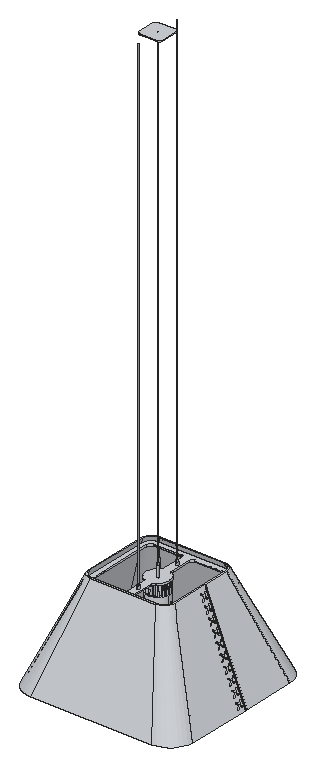
Revit family "BuzziSpace - BuzziShade - Square", category Lighting Fixtures, host Ceiling, Revit 2019 (continued)
Definition of nested family "BuzziShade Square"
  Forms (in)
    Extrusion 1, solid, material <- "Lace", visible <- "Beam"
      sketch origin (-14.79872, 0, 0) x (0, -1, 0) y (0.379687, 0, 0.925115)
        loop
          line (0.43278, 14.41339) -> (-0.01265, 13.96797) -> (-0.45807, 14.41339)
          arc (-0.45807, 14.41339) -> (-0.54158, 14.41339) -> (-0.54158, 14.32987) r 0.05906
          line (-0.54158, 14.32987) -> (-0.09616, 13.88445) -> (-0.54158, 13.43903)
        loop
          arc (-0.54158, 15.25005) -> (-0.54158, 15.16654) -> (-0.45807, 15.16654) r 0.05906
          line (-0.45807, 15.16654) -> (-0.01265, 15.61196) -> (0.43278, 15.16654)
          arc (0.43278, 15.16654) -> (0.51629, 15.16654) -> (0.51629, 15.25005) r 0.05906
          line (0.51629, 15.25005) -> (0.07087, 15.69548) -> (0.51629, 16.1409)
          arc (0.51629, 16.1409) -> (0.51629, 16.22441) -> (0.43278, 16.22441) r 0.05906
          line (0.43278, 16.22441) -> (-0.01265, 15.77899) -> (-0.45807, 16.22441)
          arc (-0.45807, 16.22441) -> (-0.54158, 16.22441) -> (-0.54158, 16.1409) r 0.05906
          line (-0.54158, 16.1409) -> (-0.09616, 15.69548) -> (-0.54158, 15.25005)
        loop
          arc (-0.54158, 17.06108) -> (-0.54158, 16.97756) -> (-0.45807, 16.97756) r 0.05906
          line (-0.45807, 16.97756) -> (-0.01265, 17.42298) -> (0.43278, 16.97756)
          arc (0.43278, 16.97756) -> (0.51629, 16.97756) -> (0.51629, 17.06108) r 0.05906
          line (0.51629, 17.06108) -> (0.07087, 17.5065) -> (0.51629, 17.95192)
          arc (0.51629, 17.95192) -> (0.51629, 18.03544) -> (0.43278, 18.03544) r 0.05906
          line (0.43278, 18.03544) -> (-0.01265, 17.59002) -> (-0.45807, 18.03544)
          arc (-0.45807, 18.03544) -> (-0.54158, 18.03544) -> (-0.54158, 17.95192) r 0.05906
          line (-0.54158, 17.95192) -> (-0.09616, 17.5065) -> (-0.54158, 17.06108)
      from 0 to 0.125
    Blend 2, solid, material <- "Felt"
      base sketch origin (0, 0, 0) x (-1, 0, 0) y (0, -1, 0)
        loop
          line (14.79872, -10.73976) -> (14.79872, 10.73976)
          arc (14.79872, 10.73976) -> (13.62715, 13.56819) -> (10.79872, 14.73976) r 4
          line (10.79872, 14.73976) -> (0.0625, 14.73976) -> (0.0625, 14.48976) -> (10.79872, 14.48976)
          arc (10.79872, 14.48976) -> (13.45037, 13.39141) -> (14.54872, 10.73976) r 3.75
          line (14.54872, 10.73976) -> (14.54872, -10.73976)
          arc (14.54872, -10.73976) -> (13.45037, -13.39141) -> (10.79872, -14.48976) r 3.75
          line (10.79872, -14.48976) -> (0.0625, -14.48976) -> (0.0625, -14.73976) -> (10.79872, -14.73976)
          arc (10.79872, -14.73976) -> (13.62715, -13.56819) -> (14.79872, -10.73976) r 4
      top sketch origin (0, 0, 0) x (-1, 0, 0) y (0, -1, 0)
        loop
          line (7.65305, -5.74325) -> (7.65305, 5.74325)
          arc (7.65305, 5.74325) -> (7.10622, 7.06343) -> (5.78604, 7.61026) r 1.86701
          line (5.78604, 7.61026) -> (0.0625, 7.61026) -> (0.0625, 7.36026) -> (5.78604, 7.36026)
          arc (5.78604, 7.36026) -> (6.92944, 6.88665) -> (7.40305, 5.74325) r 1.61701
          line (7.40305, 5.74325) -> (7.40305, -5.74325)
          arc (7.40305, -5.74325) -> (6.92944, -6.88665) -> (5.78604, -7.36026) r 1.61701
          line (5.78604, -7.36026) -> (0.0625, -7.36026) -> (0.0625, -7.61026) -> (5.78604, -7.61026)
          arc (5.78604, -7.61026) -> (7.10622, -7.06343) -> (7.65305, -5.74325) r 1.86701
      from 0 to 17.41056
    Extrusion 3, solid, material <- "Frame"
      sketch origin (34.18353, -180, 16.53556) x (1, 0, 0) y (0, 1, 0)
        loop
          line (-34.83658, 182.43789) -> (-34.83658, 186.15357)
          arc (-34.83658, 186.15357) -> (-35.00695, 186.56489) -> (-35.41827, 186.73526) r 0.58169
          line (-35.41827, 186.73526) -> (-40.04918, 186.73526)
          arc (-40.04918, 186.73526) -> (-40.69434, 186.46803) -> (-40.96158, 185.82286) r 0.9124
          line (-40.96158, 185.82286) -> (-40.96158, 174.17714)
          arc (-40.96158, 174.17714) -> (-40.69434, 173.53197) -> (-40.04918, 173.26474) r 0.9124
          line (-40.04918, 173.26474) -> (-35.52069, 173.26474)
          arc (-35.52069, 173.26474) -> (-35.03695, 173.46511) -> (-34.83658, 173.94884) r 0.68411
          line (-34.83658, 173.94884) -> (-34.83658, 177.56211)
          arc (-34.83658, 177.56211) -> (-34.94207, 177.95581) -> (-35.23028, 178.24402) r 0.7874
          arc (-35.23028, 178.24402) -> (-36.2441, 180) -> (-35.23028, 181.75598) r 2.02763
          arc (-35.23028, 181.75598) -> (-34.94207, 182.04419) -> (-34.83658, 182.43789) r 0.7874
        loop
          line (-41.83658, 185.82286) -> (-41.83658, 174.17714)
          arc (-41.83658, 174.17714) -> (-41.31306, 172.91326) -> (-40.04918, 172.38974) r 1.7874
          line (-40.04918, 172.38974) -> (-34.24603, 172.38974) -> (-34.24603, 187.61026) -> (-40.04918, 187.61026)
          arc (-40.04918, 187.61026) -> (-41.31306, 187.08674) -> (-41.83658, 185.82286) r 1.7874
      from 0 to -0.25
    Extrusion 4, solid, material <- "Frame"
      sketch origin (0, 0, 0) x (-1, 0, 0) y (0, -1, 0)
        loop
          line (0.0625, 13.48976) -> (10.79872, 13.48976)
          arc (10.79872, 13.48976) -> (12.74326, 12.68431) -> (13.54872, 10.73976) r 2.75
          line (13.54872, 10.73976) -> (13.54872, -10.73976)
          arc (13.54872, -10.73976) -> (12.74326, -12.68431) -> (10.79872, -13.48976) r 2.75
          line (10.79872, -13.48976) -> (0.0625, -13.48976) -> (0.0625, -14.36476) -> (10.79872, -14.36476)
          arc (10.79872, -14.36476) -> (13.36198, -13.30302) -> (14.42372, -10.73976) r 3.625
          line (14.42372, -10.73976) -> (14.42372, 10.73976)
          arc (14.42372, 10.73976) -> (13.36198, 13.30302) -> (10.79872, 14.36476) r 3.625
          line (10.79872, 14.36476) -> (0.0625, 14.36476) -> (0.0625, 13.48976)
      from 0 to 0.25
    Extrusion 5, solid, material <- "Felt"
      sketch origin (0, 0, 0) x (0, 1, 0) y (0, 0, 1)
        loop
          line (7.36026, 17.41056) -> (14.48976, 0) -> (14.73976, 0) -> (7.61026, 17.41056) -> (7.36026, 17.41056)
        loop
          line (-7.36026, 17.41056) -> (-7.61026, 17.41056) -> (-14.73976, 0) -> (-14.48976, 0) -> (-7.36026, 17.41056)
      from -0.0625 to 0.0625
    Extrusion 6, solid, material <- "Frame"
      sketch origin (0, 0, 0) x (0, 1, 0) y (0, 0, 1)
        loop
          line (7.61026, 16.53556) -> (-7.61026, 16.53556) -> (-7.61026, 16.28556) -> (7.61026, 16.28556) -> (7.61026, 16.53556)
        loop
          line (14.36476, 0.25) -> (13.48976, 0.25) -> (13.48976, 0) -> (14.36476, 0) -> (14.36476, 0.25)
        loop
          line (-13.48976, 0.25) -> (-14.36476, 0.25) -> (-14.36476, 0) -> (-13.48976, 0) -> (-13.48976, 0.25)
      from -0.0625 to 0.0625
    Extrusion 7, void
      sketch origin (0, 0, 0) x (1, 0, 0) y (0, 1, 0)
        loop
          arc (-13.57776, 6.73526) -> (-13.98907, 6.56489) -> (-14.15945, 6.15357) r 0.58169
          line (-14.15945, 6.15357) -> (-14.15945, 2.43789)
          arc (-14.15945, 2.43789) -> (-14.05396, 2.04419) -> (-13.76575, 1.75598) r 0.7874
          arc (-13.76575, 1.75598) -> (-12.75193, 0) -> (-13.76575, -1.75598) r 2.02763
          arc (-13.76575, -1.75598) -> (-14.05396, -2.04419) -> (-14.15945, -2.43789) r 0.7874
          line (-14.15945, -2.43789) -> (-14.15945, -6.05116)
          arc (-14.15945, -6.05116) -> (-13.95908, -6.53489) -> (-13.47534, -6.73526) r 0.68411
          line (-13.47534, -6.73526) -> (-1.27466, -6.73526)
          arc (-1.27466, -6.73526) -> (-0.79092, -6.53489) -> (-0.59055, -6.05116) r 0.68411
          line (-0.59055, -6.05116) -> (-0.59055, -2.43789)
          arc (-0.59055, -2.43789) -> (-0.69604, -2.04419) -> (-0.98425, -1.75598) r 0.7874
          arc (-0.98425, -1.75598) -> (-1.99807, 0) -> (-0.98425, 1.75598) r 2.02763
          arc (-0.98425, 1.75598) -> (-0.69604, 2.04419) -> (-0.59055, 2.43789) r 0.7874
          line (-0.59055, 2.43789) -> (-0.59055, 6.15357)
          arc (-0.59055, 6.15357) -> (-0.76093, 6.56489) -> (-1.17224, 6.73526) r 0.58169
          line (-1.17224, 6.73526) -> (-13.57776, 6.73526)
        loop
          arc (13.47534, -6.73526) -> (13.95908, -6.53489) -> (14.15945, -6.05116) r 0.68411
          line (14.15945, -6.05116) -> (14.15945, -2.43789)
          arc (14.15945, -2.43789) -> (14.05396, -2.04419) -> (13.76575, -1.75598) r 0.7874
          arc (13.76575, -1.75598) -> (12.75193, 0) -> (13.76575, 1.75598) r 2.02763
          arc (13.76575, 1.75598) -> (14.05396, 2.04419) -> (14.15945, 2.43789) r 0.7874
          line (14.15945, 2.43789) -> (14.15945, 6.15357)
          arc (14.15945, 6.15357) -> (13.98907, 6.56489) -> (13.57776, 6.73526) r 0.58169
          line (13.57776, 6.73526) -> (1.17224, 6.73526)
          arc (1.17224, 6.73526) -> (0.76093, 6.56489) -> (0.59055, 6.15357) r 0.58169
          line (0.59055, 6.15357) -> (0.59055, 2.43789)
          arc (0.59055, 2.43789) -> (0.69604, 2.04419) -> (0.98425, 1.75598) r 0.7874
          arc (0.98425, 1.75598) -> (1.99807, 0) -> (0.98425, -1.75598) r 2.02763
          arc (0.98425, -1.75598) -> (0.69604, -2.04419) -> (0.59055, -2.43789) r 0.7874
          line (0.59055, -2.43789) -> (0.59055, -6.05116)
          arc (0.59055, -6.05116) -> (0.79092, -6.53489) -> (1.27466, -6.73526) r 0.68411
          line (1.27466, -6.73526) -> (13.47534, -6.73526)
      from 18.03556 to 16.03556
    Extrusion 8, void
      sketch origin (-32.02609, -180, 12.22763) x (-0.925115, 0, 0.379687) y (0, -1, 0)
        loop
          line (-6.92779, -180.86327) -> (-6.99234, -180.86327) -> (-6.99234, -180.92696)
          arc (-6.99234, -180.92696) -> (-6.99436, -180.9703) -> (-7.00039, -181.01326) r 0.46698
          arc (-7.00039, -181.01326) -> (-7.01861, -181.03979) -> (-7.0505, -181.04418) r 0.03983
          line (-7.0505, -181.04418) -> (-7.08745, -181.03359) -> (-7.03035, -181.09272)
          arc (-7.03035, -181.09272) -> (-7.0022, -181.13606) -> (-6.99234, -181.18679) r 0.13542
          line (-6.99234, -181.18679) -> (-6.99234, -181.27062) -> (-6.92779, -181.27062) -> (-6.92779, -180.86327)
      from -11.42768 to 9.37766
    Extrusion 9, solid, material <- "Lace"
      sketch origin (14.79872, 0, 0) x (0, 1, 0) y (-0.379687, 0, 0.925115)
        loop
          line (0.54158, 0.76187) -> (0.09616, 1.20729) -> (0.54158, 1.65271)
          arc (0.54158, 1.65271) -> (0.54158, 1.73623) -> (0.45807, 1.73623) r 0.05906
          line (0.45807, 1.73623) -> (0.01265, 1.2908) -> (-0.43278, 1.73623)
          arc (-0.43278, 1.73623) -> (-0.51629, 1.73623) -> (-0.51629, 1.65271) r 0.05906
          line (-0.51629, 1.65271) -> (-0.07087, 1.20729) -> (-0.51629, 0.76187)
          arc (-0.51629, 0.76187) -> (-0.51629, 0.67835) -> (-0.43278, 0.67835) r 0.05906
          line (-0.43278, 0.67835) -> (0.01265, 1.12377) -> (0.45807, 0.67835)
          arc (0.45807, 0.67835) -> (0.54158, 0.67835) -> (0.54158, 0.76187) r 0.05906
        loop
          line (0.54158, 2.57289) -> (0.09616, 3.01831) -> (0.54158, 3.46373)
          arc (0.54158, 3.46373) -> (0.54158, 3.54725) -> (0.45807, 3.54725) r 0.05906
          line (0.45807, 3.54725) -> (0.01265, 3.10183) -> (-0.43278, 3.54725)
          arc (-0.43278, 3.54725) -> (-0.51629, 3.54725) -> (-0.51629, 3.46373) r 0.05906
          line (-0.51629, 3.46373) -> (-0.07087, 3.01831) -> (-0.51629, 2.57289)
          arc (-0.51629, 2.57289) -> (-0.51629, 2.48937) -> (-0.43278, 2.48937) r 0.05906
          line (-0.43278, 2.48937) -> (0.01265, 2.93479) -> (0.45807, 2.48937)
          arc (0.45807, 2.48937) -> (0.54158, 2.48937) -> (0.54158, 2.57289) r 0.05906
        loop
          line (0.54158, 4.38391) -> (0.09616, 4.82933) -> (0.54158, 5.27476)
          arc (0.54158, 5.27476) -> (0.54158, 5.35827) -> (0.45807, 5.35827) r 0.05906
          line (0.45807, 5.35827) -> (0.01265, 4.91285) -> (-0.43278, 5.35827)
          arc (-0.43278, 5.35827) -> (-0.51629, 5.35827) -> (-0.51629, 5.27476) r 0.05906
          line (-0.51629, 5.27476) -> (-0.07087, 4.82933) -> (-0.51629, 4.38391)
          arc (-0.51629, 4.38391) -> (-0.51629, 4.3004) -> (-0.43278, 4.3004) r 0.05906
          line (-0.43278, 4.3004) -> (0.01265, 4.74582) -> (0.45807, 4.3004)
          arc (0.45807, 4.3004) -> (0.54158, 4.3004) -> (0.54158, 4.38391) r 0.05906
        loop
          line (0.54158, 6.19494) -> (0.09616, 6.64036) -> (0.54158, 7.08578)
          arc (0.54158, 7.08578) -> (0.54158, 7.1693) -> (0.45807, 7.1693) r 0.05906
          line (0.45807, 7.1693) -> (0.01265, 6.72387) -> (-0.43278, 7.1693)
          arc (-0.43278, 7.1693) -> (-0.51629, 7.1693) -> (-0.51629, 7.08578) r 0.05906
          line (-0.51629, 7.08578) -> (-0.07087, 6.64036) -> (-0.51629, 6.19494)
          arc (-0.51629, 6.19494) -> (-0.51629, 6.11142) -> (-0.43278, 6.11142) r 0.05906
          line (-0.43278, 6.11142) -> (0.01265, 6.55684) -> (0.45807, 6.11142)
          arc (0.45807, 6.11142) -> (0.54158, 6.11142) -> (0.54158, 6.19494) r 0.05906
        loop
          line (0.54158, 8.00596) -> (0.09616, 8.45138) -> (0.54158, 8.8968)
          arc (0.54158, 8.8968) -> (0.54158, 8.98032) -> (0.45807, 8.98032) r 0.05906
          line (0.45807, 8.98032) -> (0.01265, 8.5349) -> (-0.43278, 8.98032)
          arc (-0.43278, 8.98032) -> (-0.51629, 8.98032) -> (-0.51629, 8.8968) r 0.05906
          line (-0.51629, 8.8968) -> (-0.07087, 8.45138) -> (-0.51629, 8.00596)
          arc (-0.51629, 8.00596) -> (-0.51629, 7.92244) -> (-0.43278, 7.92244) r 0.05906
          line (-0.43278, 7.92244) -> (0.01265, 8.36787) -> (0.45807, 7.92244)
          arc (0.45807, 7.92244) -> (0.54158, 7.92244) -> (0.54158, 8.00596) r 0.05906
        loop
          line (0.54158, 9.81698) -> (0.09616, 10.26241) -> (0.54158, 10.70783)
          arc (0.54158, 10.70783) -> (0.54158, 10.79134) -> (0.45807, 10.79134) r 0.05906
          line (0.45807, 10.79134) -> (0.01265, 10.34592) -> (-0.43278, 10.79134)
          arc (-0.43278, 10.79134) -> (-0.51629, 10.79134) -> (-0.51629, 10.70783) r 0.05906
          line (-0.51629, 10.70783) -> (-0.07087, 10.26241) -> (-0.51629, 9.81698)
          arc (-0.51629, 9.81698) -> (-0.51629, 9.73347) -> (-0.43278, 9.73347) r 0.05906
          line (-0.43278, 9.73347) -> (0.01265, 10.17889) -> (0.45807, 9.73347)
          arc (0.45807, 9.73347) -> (0.54158, 9.73347) -> (0.54158, 9.81698) r 0.05906
        loop
          line (0.54158, 11.62801) -> (0.09616, 12.07343) -> (0.54158, 12.51885)
          arc (0.54158, 12.51885) -> (0.54158, 12.60237) -> (0.45807, 12.60237) r 0.05906
          line (0.45807, 12.60237) -> (0.01265, 12.15695) -> (-0.43278, 12.60237)
          arc (-0.43278, 12.60237) -> (-0.51629, 12.60237) -> (-0.51629, 12.51885) r 0.05906
          line (-0.51629, 12.51885) -> (-0.07087, 12.07343) -> (-0.51629, 11.62801)
          arc (-0.51629, 11.62801) -> (-0.51629, 11.54449) -> (-0.43278, 11.54449) r 0.05906
          line (-0.43278, 11.54449) -> (0.01265, 11.98991) -> (0.45807, 11.54449)
          arc (0.45807, 11.54449) -> (0.54158, 11.54449) -> (0.54158, 11.62801) r 0.05906
        loop
          line (0.54158, 13.43903) -> (0.09616, 13.88445) -> (0.54158, 14.32987)
          arc (0.54158, 14.32987) -> (0.54158, 14.41339) -> (0.45807, 14.41339) r 0.05906
          line (0.45807, 14.41339) -> (0.01265, 13.96797) -> (-0.43278, 14.41339)
          arc (-0.43278, 14.41339) -> (-0.51629, 14.41339) -> (-0.51629, 14.32987) r 0.05906
          line (-0.51629, 14.32987) -> (-0.07087, 13.88445) -> (-0.51629, 13.43903)
          arc (-0.51629, 13.43903) -> (-0.51629, 13.35551) -> (-0.43278, 13.35551) r 0.05906
          line (-0.43278, 13.35551) -> (0.01265, 13.80094) -> (0.45807, 13.35551)
          arc (0.45807, 13.35551) -> (0.54158, 13.35551) -> (0.54158, 13.43903) r 0.05906
        loop
          line (0.54158, 15.25005) -> (0.09616, 15.69548) -> (0.54158, 16.1409)
          arc (0.54158, 16.1409) -> (0.54158, 16.22441) -> (0.45807, 16.22441) r 0.05906
          line (0.45807, 16.22441) -> (0.01265, 15.77899) -> (-0.43278, 16.22441)
          arc (-0.43278, 16.22441) -> (-0.51629, 16.22441) -> (-0.51629, 16.1409) r 0.05906
          line (-0.51629, 16.1409) -> (-0.07087, 15.69548) -> (-0.51629, 15.25005)
          arc (-0.51629, 15.25005) -> (-0.51629, 15.16654) -> (-0.43278, 15.16654) r 0.05906
          line (-0.43278, 15.16654) -> (0.01265, 15.61196) -> (0.45807, 15.16654)
          arc (0.45807, 15.16654) -> (0.54158, 15.16654) -> (0.54158, 15.25005) r 0.05906
        loop
          line (0.54158, 17.06108) -> (0.09616, 17.5065) -> (0.54158, 17.95192)
          arc (0.54158, 17.95192) -> (0.54158, 18.03544) -> (0.45807, 18.03544) r 0.05906
          line (0.45807, 18.03544) -> (0.01265, 17.59002) -> (-0.43278, 18.03544)
          arc (-0.43278, 18.03544) -> (-0.51629, 18.03544) -> (-0.51629, 17.95192) r 0.05906
          line (-0.51629, 17.95192) -> (-0.07087, 17.5065) -> (-0.51629, 17.06108)
          arc (-0.51629, 17.06108) -> (-0.51629, 16.97756) -> (-0.43278, 16.97756) r 0.05906
          line (-0.43278, 16.97756) -> (0.01265, 17.42298) -> (0.45807, 16.97756)
          arc (0.45807, 16.97756) -> (0.54158, 16.97756) -> (0.54158, 17.06108) r 0.05906
      from 0 to 0.125
    Blend 10, solid, material <- "Felt"
      base sketch origin (0, 0, 0) x (1, 0, 0) y (0, 1, 0)
        loop
          arc (14.79872, 10.73976) -> (13.62715, 13.56819) -> (10.79872, 14.73976) r 4
          line (10.79872, 14.73976) -> (0.0625, 14.73976) -> (0.0625, 14.48976) -> (10.79872, 14.48976)
          arc (10.79872, 14.48976) -> (13.45037, 13.39141) -> (14.54872, 10.73976) r 3.75
          line (14.54872, 10.73976) -> (14.54872, -10.73976)
          arc (14.54872, -10.73976) -> (13.45037, -13.39141) -> (10.79872, -14.48976) r 3.75
          line (10.79872, -14.48976) -> (0.0625, -14.48976) -> (0.0625, -14.73976) -> (10.79872, -14.73976)
          arc (10.79872, -14.73976) -> (13.62715, -13.56819) -> (14.79872, -10.73976) r 4
          line (14.79872, -10.73976) -> (14.79872, 10.73976)
      top sketch origin (0, 0, 0) x (1, 0, 0) y (0, 1, 0)
        loop
          arc (7.65305, 5.74325) -> (7.10622, 7.06343) -> (5.78604, 7.61026) r 1.86701
          line (5.78604, 7.61026) -> (0.0625, 7.61026) -> (0.0625, 7.36026) -> (5.78604, 7.36026)
          arc (5.78604, 7.36026) -> (6.92944, 6.88665) -> (7.40305, 5.74325) r 1.61701
          line (7.40305, 5.74325) -> (7.40305, -5.74325)
          arc (7.40305, -5.74325) -> (6.92944, -6.88665) -> (5.78604, -7.36026) r 1.61701
          line (5.78604, -7.36026) -> (0.0625, -7.36026) -> (0.0625, -7.61026) -> (5.78604, -7.61026)
          arc (5.78604, -7.61026) -> (7.10622, -7.06343) -> (7.65305, -5.74325) r 1.86701
          line (7.65305, -5.74325) -> (7.65305, 5.74325)
      from 0 to 17.41056
    Extrusion 11, solid, material <- "Frame"
      sketch origin (-34.18353, -180, 16.53556) x (-1, 0, 0) y (0, -1, 0)
        loop
          arc (-34.83658, -182.43789) -> (-34.94207, -182.04419) -> (-35.23028, -181.75598) r 0.7874
          arc (-35.23028, -181.75598) -> (-36.2441, -180) -> (-35.23028, -178.24402) r 2.02763
          arc (-35.23028, -178.24402) -> (-34.94207, -177.95581) -> (-34.83658, -177.56211) r 0.7874
          line (-34.83658, -177.56211) -> (-34.83658, -173.94884)
          arc (-34.83658, -173.94884) -> (-35.03695, -173.46511) -> (-35.52069, -173.26474) r 0.68411
          line (-35.52069, -173.26474) -> (-40.04918, -173.26474)
          arc (-40.04918, -173.26474) -> (-40.69434, -173.53197) -> (-40.96158, -174.17714) r 0.9124
          line (-40.96158, -174.17714) -> (-40.96158, -185.82286)
          arc (-40.96158, -185.82286) -> (-40.69434, -186.46803) -> (-40.04918, -186.73526) r 0.9124
          line (-40.04918, -186.73526) -> (-35.41827, -186.73526)
          arc (-35.41827, -186.73526) -> (-35.00695, -186.56489) -> (-34.83658, -186.15357) r 0.58169
          line (-34.83658, -186.15357) -> (-34.83658, -182.43789)
        loop
          arc (-41.83658, -185.82286) -> (-41.31306, -187.08674) -> (-40.04918, -187.61026) r 1.7874
          line (-40.04918, -187.61026) -> (-34.24603, -187.61026) -> (-34.24603, -172.38974) -> (-40.04918, -172.38974)
          arc (-40.04918, -172.38974) -> (-41.31306, -172.91326) -> (-41.83658, -174.17714) r 1.7874
          line (-41.83658, -174.17714) -> (-41.83658, -185.82286)
      from 0 to -0.25
    Extrusion 12, solid, material <- "Frame"
      sketch origin (0, 0, 0) x (1, 0, 0) y (0, 1, 0)
        loop
          line (0.0625, -13.48976) -> (0.0625, -14.36476) -> (10.79872, -14.36476)
          arc (10.79872, -14.36476) -> (13.36198, -13.30302) -> (14.42372, -10.73976) r 3.625
          line (14.42372, -10.73976) -> (14.42372, 10.73976)
          arc (14.42372, 10.73976) -> (13.36198, 13.30302) -> (10.79872, 14.36476) r 3.625
          line (10.79872, 14.36476) -> (0.0625, 14.36476) -> (0.0625, 13.48976) -> (10.79872, 13.48976)
          arc (10.79872, 13.48976) -> (12.74326, 12.68431) -> (13.54872, 10.73976) r 2.75
          line (13.54872, 10.73976) -> (13.54872, -10.73976)
          arc (13.54872, -10.73976) -> (12.74326, -12.68431) -> (10.79872, -13.48976) r 2.75
          line (10.79872, -13.48976) -> (0.0625, -13.48976)
      from 0 to 0.25
    Extrusion 13, void
      sketch origin (32.02609, -180, 12.22763) x (0.925115, 0, 0.379687) y (0, 1, 0)
        loop
          line (-6.92779, 180.86327) -> (-6.92779, 181.27062) -> (-6.99234, 181.27062) -> (-6.99234, 181.18679)
          arc (-6.99234, 181.18679) -> (-7.0022, 181.13606) -> (-7.03035, 181.09272) r 0.13542
          line (-7.03035, 181.09272) -> (-7.08745, 181.03359) -> (-7.0505, 181.04418)
          arc (-7.0505, 181.04418) -> (-7.01861, 181.03979) -> (-7.00039, 181.01326) r 0.03983
          arc (-7.00039, 181.01326) -> (-6.99436, 180.9703) -> (-6.99234, 180.92696) r 0.46698
          line (-6.99234, 180.92696) -> (-6.99234, 180.86327) -> (-6.92779, 180.86327)
      from -11.42768 to 9.37766
    Extrusion 14, void
      sketch origin (17.37263, -180, 12.22763) x (0.925115, 0, 0.379687) y (0, 1, 0)
        loop
          line (-6.95929, 180.86327) -> (-6.95929, 181.27062) -> (-7.02384, 181.27062) -> (-7.02384, 181.18679)
          arc (-7.02384, 181.18679) -> (-7.0337, 181.13606) -> (-7.06184, 181.09272) r 0.13542
          line (-7.06184, 181.09272) -> (-7.11894, 181.03359) -> (-7.082, 181.04418)
          arc (-7.082, 181.04418) -> (-7.05011, 181.03979) -> (-7.03188, 181.01326) r 0.03983
          arc (-7.03188, 181.01326) -> (-7.02585, 180.9703) -> (-7.02384, 180.92696) r 0.46698
          line (-7.02384, 180.92696) -> (-7.02384, 180.86327) -> (-6.95929, 180.86327)
      from -11.42768 to 9.37766
  Cuts and joins
    Extrusion 7 cuts Extrusion 6
    joined: Extrusion 3, Extrusion 4, Extrusion 6, Extrusion 11, Extrusion 12
    Extrusion 8, Extrusion 13 cuts Blend 2
    Extrusion 13 cuts Extrusion 5
    Extrusion 13, Extrusion 14 cuts Blend 10
    joined: Blend 2, Extrusion 5, Blend 10
  Dimensions and locks (in)
    equal spacing: plane 4, plane 1 "Center Front/Back", plane 5
    plane 4 to plane 5 = 2' - 5.47952"
    locked: plane 7 to plane 6 at 14.73622
    plane 9 to plane 7 to plane 8 = 0' - 0.59055" locked, 0' - 0.59055" locked
    locked: plane 8 to plane 10 at 6.10236
    locked: plane 10 to plane 14 at 0.89764
    locked: plane 18 to plane 17 at 14.73622
    plane 20 to plane 18 to plane 19 = 0' - 0.59055" locked, 0' - 0.59055" locked
    locked: plane 19 to plane 21 at 6.10236
    locked: plane 21 to plane 22 at 0.89764
    Extrusion 4 sketch curve to Extrusion 4 sketch curve to Extrusion 4 sketch curve = 1' - 1.48622" locked, 0' - 0 7/8" locked
    "Void Depth": plane 23 to plane 24
    locked: Extrusion 7 sketch curve to plane 26 at 0.58169
    locked: Extrusion 7 sketch curve to plane 26 at 0.68411
    locked: plane 26 to Extrusion 7 sketch curve at 0.62012
    locked: Extrusion 7 sketch curve to plane 26 at 0.7874  (x2)
    locked: Extrusion 7 sketch curve to plane 27 at 0.58169
    locked: Extrusion 7 sketch curve to plane 27 at 0.68411
    locked: plane 27 to Extrusion 7 sketch curve at 0.62012
    locked: Extrusion 7 sketch curve to plane 27 at 0.7874  (x2)
    "Suspension Length": plane 29 to plane 23
    "Interior Width": plane 18 to plane 7
    equal spacing: plane 17, plane 3 "Center Left/Right", plane 6
    Extrusion 12 sketch curve to Extrusion 12 sketch curve to Extrusion 12 sketch curve = 1' - 1.48622" locked, 0' - 0 7/8" locked
    aligned and locked: level to plane 2
    aligned and locked: Extrusion 4 sketch curve to plane 18
    aligned and locked: plane 18 to Extrusion 4 sketch curve
    aligned and locked: plane 7 to Extrusion 5
    aligned and locked: plane 18 to Extrusion 5
    aligned and locked: plane 7 to Extrusion 6
    aligned and locked: plane 18 to Extrusion 6
    aligned and locked: Extrusion 7 sketch curve to plane 26  (x2)
    aligned and locked: plane 27 to Extrusion 7 sketch curve  (x2)
  Automatic sketch dimensions
    Blend 2 to Extrusion 1 sketch curve = 0' - 0.76187"  (x2)
    Extrusion 1 sketch curve to Blend 2 = 0' - 9.66122"
    Blend 2 to Extrusion 1 sketch curve = 0' - 1.65271"  (x2)
    Extrusion 1 sketch curve to Extrusion 1 sketch curve = 0' - 0"  (x19)
    Blend 2 to Extrusion 1 sketch curve = 0' - 0.86797"  (x2)
    Blend 2 to Extrusion 1 sketch curve = 0' - 1.75881"  (x2)
    Blend 2 to Extrusion 1 sketch curve = 0' - 2.67899"  (x2)
    Blend 2 to Extrusion 1 sketch curve = 0' - 3.56984"  (x2)
    Blend 2 to Extrusion 1 sketch curve = 0' - 4.49002"  (x2)
    Blend 2 to Extrusion 1 sketch curve = 0' - 5.38086"  (x2)
    Blend 2 to Extrusion 1 sketch curve = 0' - 6.30104"  (x2)
    Blend 2 to Extrusion 1 sketch curve = 0' - 7.19189"  (x2)
    Blend 2 to Extrusion 1 sketch curve = 0' - 8.11207"  (x2)
    Blend 2 to Extrusion 1 sketch curve = 0' - 9.00291"  (x2)
    Blend 2 to Extrusion 1 sketch curve = 0' - 8.8968"  (x2)
    Blend 2 to Extrusion 1 sketch curve = 0' - 8.00596"  (x2)
    Blend 2 to Extrusion 1 sketch curve = 0' - 2.57289"  (x2)
    Blend 2 to Extrusion 1 sketch curve = 0' - 3.46373"  (x2)
    Blend 2 to Extrusion 1 sketch curve = 0' - 7.08578"  (x2)
    Blend 2 to Extrusion 1 sketch curve = 0' - 6.19494"  (x2)
    Blend 2 to Extrusion 1 sketch curve = 0' - 5.27476"  (x2)
    Blend 2 to Extrusion 1 sketch curve = 0' - 4.38391"  (x2)
    Extrusion 1 sketch curve to Extrusion 1 sketch curve = 0' - 0.04176"  (x70)
    Blend 2 to Extrusion 1 sketch curve = 0' - 5.35827"  (x2)
    Blend 2 to Extrusion 1 sketch curve = 0' - 9.08643"  (x2)
    Blend 2 to Extrusion 1 sketch curve = 0' - 2.48937"  (x2)
    Blend 2 to Extrusion 1 sketch curve = 0' - 3.65335"  (x2)
    Blend 2 to Extrusion 1 sketch curve = 0' - 8.02855"  (x2)
    Blend 2 to Extrusion 1 sketch curve = 0' - 4.3004"  (x2)
    Blend 2 to Extrusion 1 sketch curve = 0' - 6.21753"  (x2)
    Blend 2 to Extrusion 1 sketch curve = 0' - 1.84233"  (x2)
    Blend 2 to Extrusion 1 sketch curve = 0' - 4.4065"  (x2)
    Blend 2 to Extrusion 1 sketch curve = 0' - 7.92244"  (x2)
    Blend 2 to Extrusion 1 sketch curve = 0' - 7.2754"  (x2)
    Blend 2 to Extrusion 1 sketch curve = 0' - 8.98032"  (x2)
    Blend 2 to Extrusion 1 sketch curve = 0' - 1.73623"  (x2)
    Blend 2 to Extrusion 1 sketch curve = 0' - 3.54725"  (x2)
    Blend 2 to Extrusion 1 sketch curve = 0' - 7.1693"  (x2)
    Blend 2 to Extrusion 1 sketch curve = 0' - 0.78445"  (x2)
    Blend 2 to Extrusion 1 sketch curve = 0' - 0.67835"  (x2)
    Blend 2 to Extrusion 1 sketch curve = 0' - 2.59548"  (x2)
    Blend 2 to Extrusion 1 sketch curve = 0' - 5.46438"  (x2)
    Blend 2 to Extrusion 1 sketch curve = 0' - 6.11142"  (x2)
    Blend 2 to Extrusion 1 sketch curve = 0' - 3.10183"
    Extrusion 1 sketch curve to Extrusion 1 sketch curve = 0' - 0.08352"  (x40)
    Blend 2 to Extrusion 1 sketch curve = 0' - 6.82998"
    Blend 2 to Extrusion 1 sketch curve = 0' - 8.5349"
    Blend 2 to Extrusion 1 sketch curve = 0' - 6.66295"
    Blend 2 to Extrusion 1 sketch curve = 0' - 8.36787"
    Blend 2 to Extrusion 1 sketch curve = 0' - 6.72387"
    Blend 2 to Extrusion 1 sketch curve = 0' - 1.2908"
    Blend 2 to Extrusion 1 sketch curve = 0' - 1.39691"
    Blend 2 to Extrusion 1 sketch curve = 0' - 1.22988"
    Blend 2 to Extrusion 1 sketch curve = 0' - 4.85192"
    Blend 2 to Extrusion 1 sketch curve = 0' - 1.12377"
    Blend 2 to Extrusion 1 sketch curve = 0' - 3.0409"
    Blend 2 to Extrusion 1 sketch curve = 0' - 4.74582"
    Blend 2 to Extrusion 1 sketch curve = 0' - 8.47397"
    Blend 2 to Extrusion 1 sketch curve = 0' - 6.55684"
    Blend 2 to Extrusion 1 sketch curve = 0' - 3.20793"
    Blend 2 to Extrusion 1 sketch curve = 0' - 5.01896"
    Blend 2 to Extrusion 1 sketch curve = 0' - 2.93479"
    Blend 2 to Extrusion 1 sketch curve = 0' - 8.641"
    Blend 2 to Extrusion 1 sketch curve = 0' - 4.91285"
    Blend 2 to Extrusion 1 sketch curve = 0' - 1.31339"
    Blend 2 to Extrusion 1 sketch curve = 0' - 3.01831"
    Blend 2 to Extrusion 1 sketch curve = 0' - 8.55749"
    Blend 2 to Extrusion 1 sketch curve = 0' - 1.20729"
    Blend 2 to Extrusion 1 sketch curve = 0' - 4.82933"
    Blend 2 to Extrusion 1 sketch curve = 0' - 4.93544"
    Blend 2 to Extrusion 1 sketch curve = 0' - 6.64036"
    Blend 2 to Extrusion 1 sketch curve = 0' - 8.45138"
    Blend 2 to Extrusion 1 sketch curve = 0' - 3.12442"
    Blend 2 to Extrusion 1 sketch curve = 0' - 6.74646"
    Blend 2 sketch curve to Blend 2 sketch curve = 0' - 0"  (x8)
    Blend 2 sketch curve to plane 18 = 0' - 0"  (x4)
    plane 5 to Blend 2 sketch curve = 0' - 0"
    Blend 2 sketch curve to plane 4 = 0' - 0"
    Blend 2 sketch curve to plane 17 = 0' - 0"
    plane 4 to Blend 2 sketch curve = 0' - 0 1/4"
    Blend 2 sketch curve to plane 22 = 0' - 3.14567"
    plane 12 to Blend 2 sketch curve = 0' - 3.1295"
    plane 11 to Blend 2 sketch curve = 0' - 0"
    Blend 2 sketch curve to plane 12 = 0' - 0"
    Blend 2 sketch curve to plane 22 = 0' - 0"
    Blend 2 sketch curve to plane 11 = 0' - 0 1/4"
    plane 21 to Blend 2 sketch curve = 0' - 0.96937"  (x2)
    Extrusion 3 sketch curve to Extrusion 3 sketch curve = 0' - 0"  (x5)
    Extrusion 3 sketch curve to plane 22 = 0' - 0"
    plane 11 to Extrusion 3 sketch curve = 0' - 0"
    Extrusion 3 sketch curve to plane 12 = 0' - 0"
    Extrusion 3 sketch curve to plane 19 = 0' - 0"  (x2)
    Extrusion 3 sketch curve to plane 18 = 0' - 0"
    plane 1 "Center Front/Back" to Extrusion 3 sketch curve = 0' - 0"
    plane 21 to Extrusion 3 sketch curve = 0' - 0.02264"
    Extrusion 3 sketch curve to plane 21 = 0' - 0.88976"  (x2)
    plane 19 to Extrusion 3 sketch curve = 0' - 0.7874"  (x2)
    plane 19 to Extrusion 3 sketch curve = 0' - 0.68411"
    plane 19 to Extrusion 3 sketch curve = 0' - 0.58169"
    Extrusion 3 sketch curve to plane 18 = 0' - 0.02956"
    plane 1 "Center Front/Back" to Extrusion 3 sketch curve = 0' - 2.43789"
    Extrusion 3 sketch curve to plane 1 "Center Front/Back" = 0' - 2.43789"
    Extrusion 4 sketch curve to Extrusion 4 sketch curve = 0' - 0"  (x4)
    plane 5 to Extrusion 4 sketch curve = 0' - 1 1/4"
    Extrusion 4 sketch curve to plane 22 = 0' - 3.14567"  (x2)
    plane 4 to Extrusion 4 sketch curve = 0' - 1 1/4"
    Extrusion 5 sketch curve to level = 0' - 0"  (x2)
    Extrusion 5 sketch curve to plane 5 = 0' - 0"
    Extrusion 5 sketch curve to plane 12 = 0' - 0"
    Extrusion 5 sketch curve to plane 13 = 0' - 0"  (x2)
    Extrusion 5 sketch curve to plane 11 = 0' - 0"
    Extrusion 5 sketch curve to plane 4 = 0' - 0"
    Extrusion 5 sketch curve to plane 5 = 0' - 0 1/4"
    plane 12 to Extrusion 5 sketch curve = 0' - 0 1/4"
    plane 11 to Extrusion 5 sketch curve = 0' - 0 1/4"
    Extrusion 5 sketch curve to plane 4 = 0' - 0 1/4"
    Extrusion 6 sketch curve to level = 0' - 0"  (x2)
    Extrusion 6 sketch curve to plane 12 = 0' - 0"
    plane 11 to Extrusion 6 sketch curve = 0' - 0"
    Extrusion 6 sketch curve to plane 16 = 0' - 0"
    level to Extrusion 6 sketch curve = 0' - 0 1/4"  (x2)
    Extrusion 6 sketch curve to plane 5 = 0' - 1 1/4"
    Extrusion 6 sketch curve to plane 5 = 0' - 0 3/8"
    Extrusion 6 sketch curve to plane 4 = 0' - 1 1/4"
    Extrusion 6 sketch curve to plane 4 = 0' - 0 3/8"
    Extrusion 6 sketch curve to plane 16 = 0' - 0 1/4"
    plane 1 "Center Front/Back" to Extrusion 7 sketch curve = 0' - 0"  (x4)
    Extrusion 7 sketch curve to plane 3 "Center Left/Right" = 0' - 1.37795"  (x2)
    Extrusion 7 sketch curve to plane 3 "Center Left/Right" = 0' - 1.27466"
    Extrusion 7 sketch curve to plane 3 "Center Left/Right" = 0' - 1.17224"
    Extrusion 7 sketch curve to Extrusion 7 sketch curve = 0' - 0.58169"  (x2)
    Extrusion 7 sketch curve to plane 3 "Center Left/Right" = 0' - 0.59055"
    Extrusion 7 sketch curve to plane 3 "Center Left/Right" = 0' - 0.02956"
    plane 3 "Center Left/Right" to Extrusion 7 sketch curve = 0' - 0.02956"
    plane 3 "Center Left/Right" to Extrusion 7 sketch curve = 0' - 0.59055"  (x2)
    Extrusion 7 sketch curve to Extrusion 7 sketch curve = 0' - 0.68411"
    Extrusion 7 sketch curve to Extrusion 7 sketch curve = 0' - 0.7874"  (x2)
    plane 1 "Center Front/Back" to Extrusion 7 sketch curve = 0' - 2.43789"  (x3)
    Extrusion 7 sketch curve to Extrusion 7 sketch curve = 0' - 0"  (x6)
    plane 12 to Extrusion 7 sketch curve = 0' - 1.55911"  (x2)
    Extrusion 7 sketch curve to plane 1 "Center Front/Back" = 0' - 2.43789"  (x3)
    plane 11 to Extrusion 7 sketch curve = 0' - 1.45669"  (x2)
    Extrusion 8 sketch curve to plane 1 "Center Front/Back" = 0' - 0.92696"
    Extrusion 8 sketch curve to Extrusion 8 sketch curve = 0' - 0.33156"
    Extrusion 8 sketch curve to plane 1 "Center Front/Back" = 0' - 1.03359"
    Extrusion 8 sketch curve to Extrusion 8 sketch curve = 0' - 0.04031"
    Extrusion 8 sketch curve to plane 1 "Center Front/Back" = 0' - 1.04418"
    Extrusion 8 sketch curve to Extrusion 8 sketch curve = 0' - 0.03694"
    Extrusion 8 sketch curve to Extrusion 8 sketch curve = 0' - 0.01098"
    Extrusion 8 sketch curve to plane 1 "Center Front/Back" = 0' - 1.09272"
    Extrusion 8 sketch curve to Extrusion 8 sketch curve = 0' - 0.02016"
    Extrusion 8 sketch curve to Extrusion 8 sketch curve = 0' - 0.04718"
    Extrusion 8 sketch curve to Extrusion 8 sketch curve = 0' - 0.13542"
    Extrusion 8 sketch curve to Extrusion 8 sketch curve = 0' - 0.06455"
    Extrusion 8 sketch curve to Extrusion 8 sketch curve = 0' - 0.08383"
    Extrusion 8 sketch curve to Extrusion 8 sketch curve = 0' - 0.03828"
    Extrusion 8 sketch curve to Extrusion 8 sketch curve = 0' - 0.06368"
    Blend 10 to Extrusion 9 sketch curve = 0' - 1.75881"  (x2)
    Extrusion 9 sketch curve to Blend 10 = 0' - 5.50326"
    Blend 10 to Extrusion 9 sketch curve = 0' - 0.86797"  (x2)
    Extrusion 9 sketch curve to Extrusion 9 sketch curve = 0' - 0"  (x19)
    Blend 10 to Extrusion 9 sketch curve = 0' - 3.56984"  (x2)
    Blend 10 to Extrusion 9 sketch curve = 0' - 2.67899"  (x2)
    Blend 10 to Extrusion 9 sketch curve = 0' - 1.65271"  (x2)
    Blend 10 to Extrusion 9 sketch curve = 0' - 0.76187"  (x2)
    Blend 10 to Extrusion 9 sketch curve = 0' - 5.38086"  (x2)
    Blend 10 to Extrusion 9 sketch curve = 0' - 4.49002"  (x2)
    Blend 10 to Extrusion 9 sketch curve = 0' - 7.19189"  (x2)
    Blend 10 to Extrusion 9 sketch curve = 0' - 6.30104"  (x2)
    Blend 10 to Extrusion 9 sketch curve = 0' - 9.00291"  (x2)
    Blend 10 to Extrusion 9 sketch curve = 0' - 8.11207"  (x2)
    Blend 10 to Extrusion 9 sketch curve = 0' - 8.00596"  (x2)
    Blend 10 to Extrusion 9 sketch curve = 0' - 8.8968"  (x2)
    Blend 10 to Extrusion 9 sketch curve = 0' - 6.19494"  (x2)
    Blend 10 to Extrusion 9 sketch curve = 0' - 7.08578"  (x2)
    Blend 10 to Extrusion 9 sketch curve = 0' - 4.38391"  (x2)
    Blend 10 to Extrusion 9 sketch curve = 0' - 5.27476"  (x2)
    Blend 10 to Extrusion 9 sketch curve = 0' - 3.46373"  (x2)
    Blend 10 to Extrusion 9 sketch curve = 0' - 2.57289"  (x2)
    Extrusion 9 sketch curve to Extrusion 9 sketch curve = 0' - 0.04176"  (x70)
    Blend 10 to Extrusion 9 sketch curve = 0' - 5.46438"  (x2)
    Blend 10 to Extrusion 9 sketch curve = 0' - 0.67835"  (x2)
    Blend 10 to Extrusion 9 sketch curve = 0' - 5.35827"  (x2)
    Blend 10 to Extrusion 9 sketch curve = 0' - 3.54725"  (x2)
    Blend 10 to Extrusion 9 sketch curve = 0' - 4.4065"  (x2)
    Blend 10 to Extrusion 9 sketch curve = 0' - 4.3004"  (x2)
    Blend 10 to Extrusion 9 sketch curve = 0' - 2.59548"  (x2)
    Blend 10 to Extrusion 9 sketch curve = 0' - 7.2754"  (x2)
    Blend 10 to Extrusion 9 sketch curve = 0' - 6.21753"  (x2)
    Blend 10 to Extrusion 9 sketch curve = 0' - 1.73623"  (x2)
    Blend 10 to Extrusion 9 sketch curve = 0' - 9.08643"  (x2)
    Blend 10 to Extrusion 9 sketch curve = 0' - 3.65335"  (x2)
    Blend 10 to Extrusion 9 sketch curve = 0' - 8.02855"  (x2)
    Blend 10 to Extrusion 9 sketch curve = 0' - 0.78445"  (x2)
    Blend 10 to Extrusion 9 sketch curve = 0' - 7.92244"  (x2)
    Blend 10 to Extrusion 9 sketch curve = 0' - 7.1693"  (x2)
    Blend 10 to Extrusion 9 sketch curve = 0' - 1.84233"  (x2)
    Blend 10 to Extrusion 9 sketch curve = 0' - 8.98032"  (x2)
    Blend 10 to Extrusion 9 sketch curve = 0' - 6.11142"  (x2)
    Blend 10 to Extrusion 9 sketch curve = 0' - 2.48937"  (x2)
    Blend 10 to Extrusion 9 sketch curve = 0' - 8.5349"
    Extrusion 9 sketch curve to Extrusion 9 sketch curve = 0' - 0.08352"  (x40)
    Blend 10 to Extrusion 9 sketch curve = 0' - 4.91285"
    Blend 10 to Extrusion 9 sketch curve = 0' - 3.20793"
    Blend 10 to Extrusion 9 sketch curve = 0' - 6.72387"
    Blend 10 to Extrusion 9 sketch curve = 0' - 8.36787"
    Blend 10 to Extrusion 9 sketch curve = 0' - 6.66295"
    Blend 10 to Extrusion 9 sketch curve = 0' - 5.01896"
    Blend 10 to Extrusion 9 sketch curve = 0' - 1.12377"
    Blend 10 to Extrusion 9 sketch curve = 0' - 1.2908"
    Blend 10 to Extrusion 9 sketch curve = 0' - 6.82998"
    Blend 10 to Extrusion 9 sketch curve = 0' - 6.55684"
    Blend 10 to Extrusion 9 sketch curve = 0' - 4.85192"
    Blend 10 to Extrusion 9 sketch curve = 0' - 4.74582"
    Blend 10 to Extrusion 9 sketch curve = 0' - 1.22988"
    Blend 10 to Extrusion 9 sketch curve = 0' - 1.39691"
    Blend 10 to Extrusion 9 sketch curve = 0' - 3.0409"
    Blend 10 to Extrusion 9 sketch curve = 0' - 8.47397"
    Blend 10 to Extrusion 9 sketch curve = 0' - 3.10183"
    Blend 10 to Extrusion 9 sketch curve = 0' - 2.93479"
    Blend 10 to Extrusion 9 sketch curve = 0' - 8.641"
    Blend 10 to Extrusion 9 sketch curve = 0' - 6.74646"
    Blend 10 to Extrusion 9 sketch curve = 0' - 1.20729"
    Blend 10 to Extrusion 9 sketch curve = 0' - 4.93544"
    Blend 10 to Extrusion 9 sketch curve = 0' - 4.82933"
    Blend 10 to Extrusion 9 sketch curve = 0' - 8.55749"
    Blend 10 to Extrusion 9 sketch curve = 0' - 6.64036"
    Blend 10 to Extrusion 9 sketch curve = 0' - 8.45138"
    Blend 10 to Extrusion 9 sketch curve = 0' - 3.12442"
    Blend 10 to Extrusion 9 sketch curve = 0' - 1.31339"
    Blend 10 to Extrusion 9 sketch curve = 0' - 3.01831"
    Blend 10 sketch curve to Blend 10 sketch curve = 0' - 0"  (x8)
    Blend 10 sketch curve to plane 7 = 0' - 0"  (x4)
    plane 5 to Blend 10 sketch curve = 0' - 0"
    Blend 10 sketch curve to plane 4 = 0' - 0"
    Blend 10 sketch curve to plane 6 = 0' - 0"
    Blend 10 sketch curve to plane 4 = 0' - 0 1/4"
    plane 14 to Blend 10 sketch curve = 0' - 3.14567"
    Blend 10 sketch curve to plane 12 = 0' - 3.1295"
    plane 11 to Blend 10 sketch curve = 0' - 0"
    Blend 10 sketch curve to plane 12 = 0' - 0"
    Blend 10 sketch curve to plane 14 = 0' - 0"
    plane 11 to Blend 10 sketch curve = 0' - 0 1/4"
    Blend 10 sketch curve to plane 10 = 0' - 0.96937"  (x2)
    Extrusion 11 sketch curve to Extrusion 11 sketch curve = 0' - 0"  (x5)
    Extrusion 11 sketch curve to plane 14 = 0' - 0"
    plane 11 to Extrusion 11 sketch curve = 0' - 0"
    Extrusion 11 sketch curve to plane 12 = 0' - 0"
    Extrusion 11 sketch curve to plane 8 = 0' - 0"  (x2)
    Extrusion 11 sketch curve to plane 7 = 0' - 0"
    plane 1 "Center Front/Back" to Extrusion 11 sketch curve = 0' - 0"
    plane 10 to Extrusion 11 sketch curve = 0' - 0.02264"
    Extrusion 11 sketch curve to plane 10 = 0' - 0.88976"  (x2)
    plane 8 to Extrusion 11 sketch curve = 0' - 0.7874"  (x2)
    plane 8 to Extrusion 11 sketch curve = 0' - 0.68411"
    plane 8 to Extrusion 11 sketch curve = 0' - 0.58169"
    Extrusion 11 sketch curve to plane 7 = 0' - 0.02956"
    Extrusion 11 sketch curve to plane 1 "Center Front/Back" = 0' - 2.43789"
    plane 1 "Center Front/Back" to Extrusion 11 sketch curve = 0' - 2.43789"
    Extrusion 12 sketch curve to Extrusion 12 sketch curve = 0' - 0"  (x4)
    Extrusion 12 sketch curve to plane 7 = 0' - 0"  (x2)
    Extrusion 12 sketch curve to plane 5 = 0' - 1 1/4"
    plane 14 to Extrusion 12 sketch curve = 0' - 3.14567"  (x2)
    Extrusion 12 sketch curve to plane 4 = 0' - 1 1/4"
    Extrusion 13 sketch curve to plane 15 = 0' - 0.46323"
    Extrusion 13 sketch curve to plane 15 = 0' - 0.13167"
    Extrusion 13 sketch curve to plane 15 = 0' - 0.09136"
    Extrusion 13 sketch curve to Extrusion 13 sketch curve = 0' - 0.03694"
    Extrusion 13 sketch curve to Extrusion 13 sketch curve = 0' - 0.01098"
    Extrusion 13 sketch curve to plane 15 = 0' - 0.03426"
    plane 15 to Extrusion 13 sketch curve = 0' - 0.00374"  (x2)
    Extrusion 13 sketch curve to Extrusion 13 sketch curve = 0' - 0.06455"
    Extrusion 13 sketch curve to plane 1 "Center Front/Back" = 0' - 0 221/256"
    Extrusion 13 sketch curve to Extrusion 13 sketch curve = 0' - 0.06368"
    Extrusion 13 sketch curve to Extrusion 13 sketch curve = 0' - 0.07894"
    Extrusion 13 sketch curve to Extrusion 13 sketch curve = 0' - 0.02769"
    Extrusion 13 sketch curve to Extrusion 13 sketch curve = 0' - 0.01059"
    Extrusion 13 sketch curve to Extrusion 13 sketch curve = 0' - 0.04853"
    Extrusion 13 sketch curve to Extrusion 13 sketch curve = 0' - 0.08383"
    Extrusion 14 sketch curve to plane 1 "Center Front/Back" = 0' - 0.92696"
    Extrusion 14 sketch curve to plane 15 = 1' - 2.05086"
    Extrusion 14 sketch curve to Extrusion 14 sketch curve = 0' - 0.33156"
    Extrusion 14 sketch curve to plane 1 "Center Front/Back" = 0' - 1.03359"
    Extrusion 14 sketch curve to Extrusion 14 sketch curve = 0' - 0.04031"
    Extrusion 14 sketch curve to plane 1 "Center Front/Back" = 0' - 1.04418"
    Extrusion 14 sketch curve to Extrusion 14 sketch curve = 0' - 0.03694"
    Extrusion 14 sketch curve to Extrusion 14 sketch curve = 0' - 0.01098"
    Extrusion 14 sketch curve to plane 1 "Center Front/Back" = 0' - 1.09272"
    Extrusion 14 sketch curve to Extrusion 14 sketch curve = 0' - 0.02016"
    Extrusion 14 sketch curve to Extrusion 14 sketch curve = 0' - 0.04718"
    Extrusion 14 sketch curve to Extrusion 14 sketch curve = 0' - 0.13542"
    Extrusion 14 sketch curve to Extrusion 14 sketch curve = 0' - 0.06455"
    Extrusion 14 sketch curve to Extrusion 14 sketch curve = 0' - 0.06368"
    Extrusion 14 sketch curve to Extrusion 14 sketch curve = 0' - 0.03828"
    Extrusion 14 sketch curve to Extrusion 14 sketch curve = 0' - 0.08383"
Definition of nested family "BuzziShade Light Frame"
  Parameters (values of type "Mounting")
    Width Toggle Control [instance] = if(Width Toggle < 1, 1, if(Width Toggle > 2, 2, Width Toggle))  # 2
    Width Toggle [instance] = 2
    Width [instance] = 2' - 8 173/256"
    Trio [instance] = Width Toggle Control = 2  # yes
    Suspension Length [instance] = 2' - 0"
    Spot [instance] = Light Toggle Control = 3  # no
    Solo Cable Adjustment [instance] = if(Solo, 0' 2 1/16", 0' 0 13/16")  # 0' - 0 13/16"
    Solo [instance] = Width Toggle Control = 1  # no
    Not Mounted [instance] = Solo  # no
    Retrofit [instance] = Light Toggle Control = 1  # yes
    Mounting [instance] = none
    Mounted [instance] = not(Solo)  # yes
    Light Width [instance] = 2' - 5 1/2"
    Light Toggle Control [instance] = if(Light Toggle < 1, 1, if(Light Toggle > 3, 3, Light Toggle))  # 1
    Light Toggle [instance] = 1
    Light Count [instance] = 2  # constant formula
    Light Array [instance] = Light Count  # 2
    Globe [instance] = Light Toggle Control = 2  # no
    Glass [instance] = none
    Cable [instance] = none
  Reference planes (in)
    plane 1 "Center Front/Back": y = 0
    plane 2: z = 0
    plane 3 "Center Left/Right": x = 0
    plane 4: x = -16.33057
    plane 5: y = 0.492
    plane 6: y = -0.492
    plane 7: x = 16.33057
    plane 8: z = 8.70841
    plane 9: z = 7.72415
    plane 10 "Left Light": x = -14.75
    plane 11 "Right Light": x = 14.75
    plane 12: z = 5.27897
    plane 13 "Center L/S": x = -7.37988
    plane 14 "Center L/W": x = 7.37988
    plane 15: z = 32.70841
  Forms (in)
    Extrusion 1, solid, material <- "Mounting", visible <- "Mounted"
      sketch origin (0, 0, 0) x (0, 1, 0) y (0, 0, 1)
        loop
          line (0.45535, 8.70841) -> (-0.4664, 8.70841)
          arc (-0.4664, 8.70841) -> (-0.4885, 8.69925) -> (-0.49765, 8.67716) r 0.03125
          line (-0.49765, 8.67716) -> (-0.49765, 7.7554)
          arc (-0.49765, 7.7554) -> (-0.4885, 7.73331) -> (-0.4664, 7.72415) r 0.03125
          line (-0.4664, 7.72415) -> (0.45535, 7.72415)
          arc (0.45535, 7.72415) -> (0.47745, 7.73331) -> (0.4866, 7.7554) r 0.03125
          line (0.4866, 7.7554) -> (0.4866, 8.67716)
          arc (0.4866, 8.67716) -> (0.47745, 8.69925) -> (0.45535, 8.70841) r 0.03125
      from -16.33057 to 16.33057
    Revolve 2, solid, material <- "Cable"
      sketch origin (0, 0, 0) x (0, 1, 0) y (0, 0, 1)
        loop
          line (0, 32.64981) -> (-0.03125, 32.64981) -> (-0.03125, 10.10192) -> (-0.09907, 10.10192) -> (-0.09907, 9.77103) -> (-0.19837, 9.77103) -> (-0.19837, 8.95853) -> (0, 8.95853) -> (0, 32.64981)
        axis (0, 8.95853) -> (0, 32.64981)
      angle from 0 to 360
    Extrusion 3, solid, material <- "Cable"
      sketch origin (-29.52686, -180, 32.70841) x (-1, 0, 0) y (0, -1, 0)
        loop
          line (-28.05695, -177.9011) -> (-31.0097, -177.9011)
          arc (-31.0097, -177.9011) -> (-31.42728, -178.07407) -> (-31.60025, -178.49165) r 0.59055
          line (-31.60025, -178.49165) -> (-31.60025, -181.44441)
          arc (-31.60025, -181.44441) -> (-31.42728, -181.86199) -> (-31.0097, -182.03496) r 0.59055
          line (-31.0097, -182.03496) -> (-28.05695, -182.03496)
          arc (-28.05695, -182.03496) -> (-27.63936, -181.86199) -> (-27.46639, -181.44441) r 0.59055
          line (-27.46639, -181.44441) -> (-27.46639, -178.49165)
          arc (-27.46639, -178.49165) -> (-27.63936, -178.07407) -> (-28.05695, -177.9011) r 0.59055
      from 0 to -0.05859
    Revolve 4, solid, material <- "Cable", visible <- "Mounted"
      sketch origin (-14.75, -180, -12) x (0, 0, -1) y (0, -1, 0)
        loop
          line (-44.70841, -180) -> (-44.70841, -180.03125) -> (-22.10192, -180.03125) -> (-22.10192, -180.09907) -> (-21.77103, -180.09907) -> (-21.77103, -180.19837) -> (-20.95853, -180.19837) -> (-20.95853, -180) -> (-44.70841, -180)
        axis (-20.95853, -180) -> (-44.70841, -180)
      angle from 0 to 360
    Revolve 5, solid, material <- "Cable", visible <- "Mounted"
      sketch origin (14.75, -180, -12) x (0, 0, -1) y (0, -1, 0)
        loop
          line (-44.70841, -180) -> (-44.70841, -180.03125) -> (-22.10192, -180.03125) -> (-22.10192, -180.09907) -> (-21.77103, -180.09907) -> (-21.77103, -180.19837) -> (-20.95853, -180.19837) -> (-20.95853, -180) -> (-44.70841, -180)
        axis (-20.95853, -180) -> (-44.70841, -180)
      angle from 0 to 360
  Dimensions and locks (in)
    equal spacing: plane 4, plane 3 "Center Left/Right", plane 7
    equal spacing: plane 5, plane 1 "Center Front/Back", plane 6
    locked: plane 4 to plane 10 "Left Light" at 1.58057
    locked: plane 7 to plane 11 "Right Light" at 1.58057
    "Light Width": plane 10 "Left Light" to plane 11 "Right Light"
    group 1 to group 2 = 2' - 5 1/2"
    group 1 to group 2 = 0' - 0"  (x2)
    "Suspension Length": plane 15 to plane 8
    locked: plane 8 to level at 8.70841
    "Solo Cable Adjustment": Revolve 2 sketch curve to Revolve 2 sketch curve
    locked: Revolve 2 sketch curve to Revolve 2 sketch curve at 0.33089
    locked: Revolve 2 sketch curve to plane 9 at 2.04688
    aligned and locked: level to plane 2
    aligned and locked: Extrusion 1 to plane 4
    aligned and locked: Extrusion 1 to plane 7
    aligned and locked: nested 1 to plane 10 "Left Light"
    aligned and locked: plane 9 to nested 1
    aligned and locked: plane 15 to Extrusion 3
    aligned and locked: Extrusion 3 to Revolve 2 sketch curve
    aligned and locked: plane 11 "Right Light" to nested 3
  Automatic sketch dimensions
    Extrusion 1 sketch curve to plane 8 = 0' - 0"
    Extrusion 1 sketch curve to plane 9 = 0' - 0"
    plane 6 to Extrusion 1 sketch curve = 0' - 0.00565"
    Extrusion 1 sketch curve to plane 6 = 0' - 0.0256"  (x2)
    Extrusion 1 sketch curve to plane 5 = 0' - 0.03665"  (x2)
    Extrusion 1 sketch curve to plane 5 = 0' - 0.0054"
    plane 3 "Center Left/Right" to Extrusion 3 sketch curve = 0' - 2.07339"
    Extrusion 3 sketch curve to Extrusion 3 sketch curve = 0' - 0.59055"  (x3)
    plane 5 to Extrusion 3 sketch curve = 0' - 0.95241"
    Extrusion 3 sketch curve to plane 3 "Center Left/Right" = 0' - 1.46992"  (x2)
    plane 6 to Extrusion 3 sketch curve = 0' - 1.01635"  (x2)
    Revolve 4 sketch curve to plane 15 = 0' - 0"
    Revolve 4 sketch curve to plane 1 "Center Front/Back" = 0' - 0"  (x2)
    Revolve 4 sketch curve to plane 1 "Center Front/Back" = 0' - 0 1/32"
    plane 8 to Revolve 4 sketch curve = 0' - 1.39352"
    Revolve 4 sketch curve to Revolve 4 sketch curve = 0' - 0.33089"
    plane 8 to Revolve 4 sketch curve = 0' - 0.25012"
    Revolve 4 sketch curve to Revolve 4 sketch curve = 0' - 0.06782"
    Revolve 4 sketch curve to Revolve 4 sketch curve = 0' - 0.19837"
    Revolve 4 sketch curve to plane 15 = 0' - 0.05294"
    plane 8 to Revolve 4 sketch curve = 0' - 0.00012"
    Revolve 5 sketch curve to plane 15 = 0' - 0"
    Revolve 5 sketch curve to plane 1 "Center Front/Back" = 0' - 0"  (x2)
    plane 1 "Center Front/Back" to Revolve 5 sketch curve = 0' - 0 1/32"
    Revolve 5 sketch curve to plane 8 = 0' - 1.39352"
    Revolve 5 sketch curve to Revolve 5 sketch curve = 0' - 0.33089"
    Revolve 5 sketch curve to plane 8 = 0' - 0.25012"
    Revolve 5 sketch curve to Revolve 5 sketch curve = 0' - 0.06782"
    plane 1 "Center Front/Back" to Revolve 5 sketch curve = 0' - 0.19837"
    Revolve 5 sketch curve to Revolve 5 sketch curve = 0' - 0.05294"
    Revolve 5 sketch curve to plane 8 = 0' - 0.00012"
    Revolve 2 sketch curve to plane 1 "Center Front/Back" = 0' - 0"  (x2)
    Revolve 2 sketch curve to plane 8 = 0' - 0"
    plane 1 "Center Front/Back" to Revolve 2 sketch curve = 0' - 0 1/32"
    Revolve 2 sketch curve to Revolve 2 sketch curve = 0' - 0.06782"
    plane 1 "Center Front/Back" to Revolve 2 sketch curve = 0' - 0.19837"
    Revolve 2 sketch curve to Revolve 2 sketch curve = 0' - 0.00553"
  Nested families (in)
    nested 1: "Light Source" at (-14.75, 0, -4.43991), visible <- "Mounted", Globe <- "Globe", Retrofit <- "Retrofit", Spot <- "Spot", Glass <- "Glass", Metal Housing <- "Mounting", type "Light"
      with Spot no, Retrofit yes, Metal Housing none, Heatsink no, Globe no, Glass none
    nested 2: "Light Source" at (0, 0, -4.43991), Globe <- "Globe", Retrofit <- "Retrofit", Spot <- "Spot", Glass <- "Glass", Metal Housing <- "Mounting", type "Light"
      with Spot no, Retrofit yes, Metal Housing none, Heatsink no, Globe no, Glass none
    nested 3: "Light Source" at (14.75, 0, -4.43991), visible <- "Mounted", Globe <- "Globe", Retrofit <- "Retrofit", Spot <- "Spot", Glass <- "Glass", Metal Housing <- "Mounting", type "Light"
      with Spot no, Retrofit yes, Metal Housing none, Heatsink no, Globe no, Glass none
  Definition of nested family "Light Source"
    Parameters (values of type "Light")
      Spot [instance] = no
      Retrofit [instance] = no
      Reflector = none
      Metal Housing [instance] = none
      Heatsink [instance] = or(Globe, Spot)  # yes
      Globe [instance] = yes
      Glass [instance] = none
    Reference planes (in)
      plane 1 "Light Source Axis (F/B)": y = 0
      plane 2: z = 0
      plane 3 "Light Source Axis (L/R)": x = 0
      plane 4 "Light Source Elevation": z = 54
      plane 5: z = 12.16406
    Forms (in)
      Revolve 1, solid, material <- "Metal Housing", visible <- "Spot"
        sketch origin (0, 0, -4.37109) x (1, 0, 0) y (0, 0, 1)
          loop
            line (-1.9685, 14.52756) -> (-2.00976, 12.16406) -> (-1.92964, 12.16406) -> (-1.92687, 12.32284) -> (-1.37795, 12.32284) -> (-1.37795, 12.40158) -> (-1.41339, 12.40158) -> (-1.88983, 12.40158) -> (-1.88983, 14.44488) -> (-0.30009, 14.44488) -> (-0.29377, 14.52756) -> (-1.9685, 14.52756)
          axis (0, 14.52756) -> (0, 12.16406)
        angle from 0 to 360
      Blend 2, solid, material <- "Metal Housing", visible <- "Heatsink"
        base sketch origin (0, 0, -4.37109) x (1, 0, 0) y (0, 1, 0)
          loop
            arc (-0.15918, 1.48253) -> (-0.30101, 1.46035) -> (-0.44006, 1.42463) r 1.49105
            line (-0.44006, 1.42463) -> (-0.60398, 1.87501) -> (-0.74255, 1.82457) -> (-0.57863, 1.3742)
            arc (-0.57863, 1.3742) -> (-0.74553, 1.29129) -> (-0.90078, 1.18821) r 1.49105
            line (-0.90078, 1.18821) -> (-1.20885, 1.55535) -> (-1.32181, 1.46057) -> (-1.01374, 1.09342)
            arc (-1.01374, 1.09342) -> (-1.14221, 0.95843) -> (-1.25285, 0.80847) r 1.49105
            line (-1.25285, 0.80847) -> (-1.66791, 1.0481) -> (-1.74164, 0.9204) -> (-1.32658, 0.68076)
            arc (-1.32658, 0.68076) -> (-1.40113, 0.50997) -> (-1.4538, 0.33121) r 1.49105
            line (-1.4538, 0.33121) -> (-1.92579, 0.41444) -> (-1.9514, 0.26922) -> (-1.47941, 0.18599)
            arc (-1.47941, 0.18599) -> (-1.49105, 0) -> (-1.47941, -0.18599) r 1.49105
            line (-1.47941, -0.18599) -> (-1.9514, -0.26922) -> (-1.92579, -0.41444) -> (-1.4538, -0.33121)
            arc (-1.4538, -0.33121) -> (-1.41521, -0.46949) -> (-1.3635, -0.60342) r 1.49105
            line (-1.3635, -0.60342) -> (-1.74044, -0.91971)
            arc (-1.74044, -0.91971) -> (-1.70477, -0.98425) -> (-1.66671, -1.04741) r 1.9685
            line (-1.66671, -1.04741) -> (-1.20432, -0.87912)
            arc (-1.20432, -0.87912) -> (-1.1142, -0.99086) -> (-1.01374, -1.09342) r 1.49105
            line (-1.01374, -1.09342) -> (-1.32181, -1.46057) -> (-1.20885, -1.55535) -> (-0.90078, -1.18821)
            arc (-0.90078, -1.18821) -> (-0.74553, -1.29129) -> (-0.57863, -1.3742) r 1.49105
            line (-0.57863, -1.3742) -> (-0.74255, -1.82457) -> (-0.60398, -1.87501) -> (-0.44006, -1.42464)
            arc (-0.44006, -1.42464) -> (-0.25892, -1.4684) -> (-0.07373, -1.48923) r 1.49105
            line (-0.07373, -1.48923) -> (-0.07373, -1.9685) -> (0.07373, -1.9685) -> (0.07373, -1.48923)
            arc (0.07373, -1.48923) -> (0.25892, -1.4684) -> (0.44006, -1.42464) r 1.49105
            line (0.44006, -1.42464) -> (0.60398, -1.87501) -> (0.74255, -1.82457) -> (0.57863, -1.3742)
            arc (0.57863, -1.3742) -> (0.74553, -1.29129) -> (0.90078, -1.18821) r 1.49105
            line (0.90078, -1.18821) -> (1.20885, -1.55535) -> (1.32181, -1.46057) -> (1.01374, -1.09342)
            arc (1.01374, -1.09342) -> (1.1142, -0.99086) -> (1.20432, -0.87912) r 1.49105
            line (1.20432, -0.87912) -> (1.66671, -1.04741)
            arc (1.66671, -1.04741) -> (1.70477, -0.98425) -> (1.74044, -0.91971) r 1.9685
